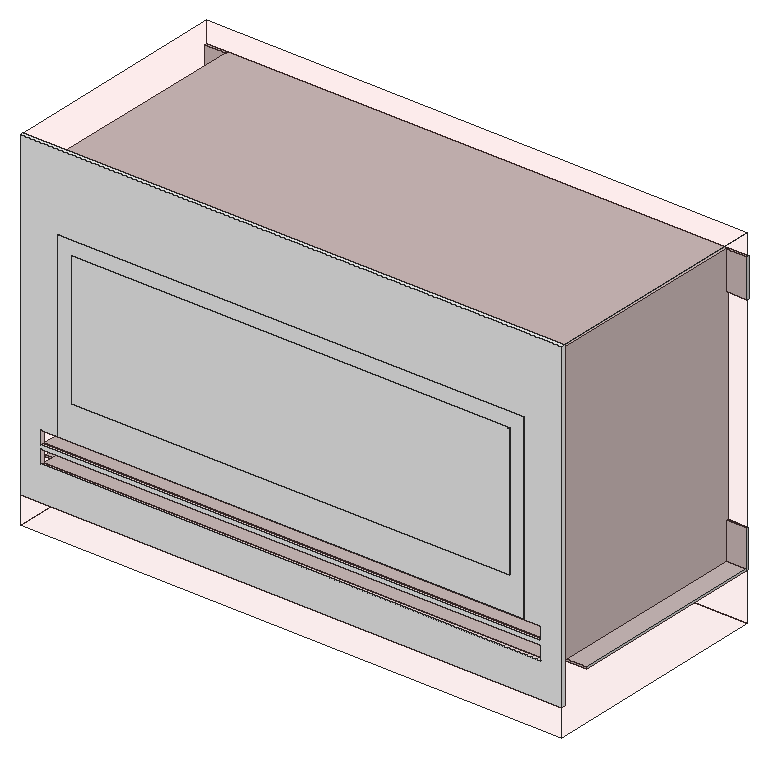
Revit family "Air-Curtain_Vestibule-Except_PoweredAire_CHA", category Mechanical Equipment, host Face, Revit 2016
Family settings
  Host = Face
  Part Type = Normal
  Round Connector Dimension = Use Diameter
  OmniClass Number = 23.75.35.17.21
  OmniClass Title = Air Curtains
  Cut with Voids When Loaded = No
  Shared = No
  Room Calculation Point = No
Parameters
  Warranty Duration (Years) = 0
  Unit Width Notes = "Other Widths available."  # constant formula
  Unit Width = 3' - 3"
  Unit Weight = 0
  Unit Height = 1' - 4 3/4"
  Unit Depth = 1' - 11 1/4"
  URL = "http://www.poweredaire.com/"
  Test Data = ""
  Standards Conformance = "as Specified"
  Specification = "http://www.arcat.com/sdspecs/htm04/23_34_33pai.htm"
  SpecWizard = ""
  Sound Pressure = "as Specified"
  Sales Information = "http://www.poweredaire.com/contact_us"
  Revision = "R1_2016-08"
  Projection from Host [instance] = 0' - 2"
  Product Properties = ""
  Product Data = "http://www.arcat.com/arcatcos/cos47/arc47623.html"
  Power Rating = 0 W
  Nozzle Width = if(1 = 1, Unit Width - 0' 3", 0' 0")  # 3' - 0"
  Mounting Width = if(1 = 1, Unit Width - 0' 1 1/2", 0' 0")  # 3' - 1 1/2"
  Mounting Height [instance] = 3' - 6"
  Motor RPM = 0
  Motor HP = 0
  Motor Count = 0
  Model = "As Specified"
  Max Height = 0' - 0"
  Manufacturer Website = "http://www.poweredaire.com/"
  Manufacturer Phone - Toll Free = "888-321-2473"
  Manufacturer Phone = "724-588-3305"
  Manufacturer Fax = "724-588-3371"
  Manufacturer Address = "109 Mortensen Rd.  Greenville, PA 16125"
  Manufacturer = "Powered Aire, Inc"
  Maintenance Schedule (Months) = 0
  Keynote = "23 34 33"
  Installation-Fabrication = ""
  Installation Phase = ""
  Include Clearance [instance] = yes
  Heating Element Load = 0 W
  HVAC_Temperature Rise = 0 °F
  HVAC_Outlet Volume = 0 CFM
  HVAC_Outlet Velocity Uniformity = 0
  HVAC_Outlet Velocity = 0 FPM
  Green Building-LEED = "http://www.arcat.com/green/clients/leed_data_47623.html"
  Front Grating Material [instance] = Metal - Steel - PoweredAire - White Perforated
  Frame Finish [instance] = Metal - Steel - PoweredAire - Stainless 304
  Expected Lifespan (Years) = 0
  Electrical_Wattage [instance] = Power Rating + Heating Element Load  # 0 W
  Electrical_Voltage [instance] = 0 V
  Electrical_Phase [instance] = 1
  Electrical_Frequency [instance] = 0 Hz
  Electrical_Amperage [instance] = 0 A
  Drawn By = "Sumex Design, Inc. / Robert S. Weygant, CSI, CDT, SCIP"
  Description = "Powered Aire Air Curtain as Specified"
  Default Elevation = 0' - 0"  # constant formula
  Cover Finish [instance] = Metal - Steel - PoweredAire - White
  Copyright = "©Arcat Inc."
  Construction Details = "http://www.arcat.com/details/powair/prod3336.html"
  Clearance_Top [instance] = 0' - 0"
  Clearance_Side B [instance] = 0' - 0"
  Clearance_Side A [instance] = 0' - 0"
  Clearance_Intake [instance] = 0' - 0"
  Clearance_Front [instance] = 0' - 0"
  Clearance Material [instance] = ARCAT Clearance
  Building Codes = ""
  Available Options [instance] = "as Specified"
  Assembly Code = "D3090400"
Reference planes (in)
  plane 1 "Center (Elevation)": y = 8.51318
  plane 2: z = 0
  plane 3 "Center (Left/Right)": x = 0
  plane 4: y = 16.88818
  plane 5: y = 0.13818
  plane 6: x = -19.5
  plane 7: x = 19.5
  plane 8: z = 25.25
  plane 9 "FF": y = -41.86182
  plane 10: z = 2
  plane 11: x = 18
  plane 12: x = -18
  plane 13: y = 16.88818
  plane 14: y = 0.13818
  plane 15: x = -19.5
  plane 16: x = 19.5
  plane 17: z = 25.25
  plane 18: y = 0.38818
Forms (in)
  Extrusion 1, solid, material "ARCAT Clearance" <- "Clearance Material", visible <- "Include Clearance"
    sketch origin (0, 0, 0) x (0, 1, 0) y (0, 0, 1)
      loop
        line (0.13818, 25.25) -> (0.13818, 0) -> (16.88818, 0) -> (16.88818, 25.25) -> (0.13818, 25.25)
    from -19.5 to 19.5
  Extrusion 2, solid, material "Metal - Steel - PoweredAire - White" <- "Cover Finish"
    sketch origin (0, 8.51318, 0) x (1, 0, 0) y (0, 0, 1)
      loop
        line (-19.5, 25.25) -> (-19.5, 2) -> (19.5, 2) -> (19.5, 25.25) -> (-19.5, 25.25)
    from 8.125 to 8.375
  Extrusion 3, solid, material "Metal - Steel - PoweredAire - Stainless 304" <- "Frame Finish"
    sketch origin (0, 8.51318, 0) x (1, 0, 0) y (0, 0, 1)
      loop
        line (18, 23.75) -> (-18, 23.75) -> (-18, 3.5) -> (18, 3.5) -> (18, 23.75)
    from -8.375 to 8.125
  Extrusion 4, void
    sketch origin (0, 0, 0) x (0, 1, 0) y (0, 0, 1)
      loop
        line (0.13818, 5.5) -> (0.13818, 4.5) -> (1.88818, 4.5) -> (1.88818, 6.75) -> (0.13818, 6.75) -> (0.13818, 5.75) -> (1.63818, 5.75) -> (1.63818, 5.5) -> (0.13818, 5.5)
    from -18 to 18
  Extrusion 5, solid, material "Metal - Steel - PoweredAire - White" <- "Cover Finish"
    sketch origin (-11.83813, 0.13818, 48) x (-1, 0, 0) y (0, 0, 1)
      loop
        line (4.91187, -41.25) -> (4.91187, -28.25) -> (-28.58813, -28.25) -> (-28.58813, -41.25) -> (4.91187, -41.25)
    from 0 to -0.03125
  Extrusion 6, solid, material "Metal - Steel - PoweredAire - White Perforated" <- "Front Grating Material"
    sketch origin (-11.83813, 0.10693, 48) x (1, 0, 0) y (0, 0, 1)
      loop
        line (-3.91187, -29.25) -> (-3.91187, -38.75) -> (27.58813, -38.75) -> (27.58813, -29.25) -> (-3.91187, -29.25)
    from 0 to 0.03125
  Extrusion 7, solid, material "Metal - Steel - PoweredAire - Stainless 304" <- "Frame Finish"
    sketch origin (-15.17702, -180, 2) x (-1, 0, 0) y (0, -1, 0)
      loop
        line (-33.17702, -196.88818) -> (-33.17702, -182.38818) -> (-34.67702, -182.38818) -> (-34.67702, -196.88818) -> (-33.17702, -196.88818)
      loop
        line (2.82298, -196.88818) -> (4.32298, -196.88818) -> (4.32298, -182.38818) -> (2.82298, -182.38818) -> (2.82298, -196.88818)
    from 1.5 to 1.625
  Extrusion 8, solid, material "Metal - Steel - PoweredAire - Stainless 304" <- "Frame Finish"
    sketch origin (-11.83813, 16.88818, 48) x (-1, 0, 0) y (0, 0, 1)
      loop
        line (7.66187, -44.5) -> (7.66187, -41.75) -> (6.16187, -41.75) -> (6.16187, -44.5) -> (7.66187, -44.5)
      loop
        line (-31.33813, -44.5) -> (-29.83813, -44.5) -> (-29.83813, -41.75) -> (-31.33813, -41.75) -> (-31.33813, -44.5)
      loop
        line (7.66187, -27) -> (7.66187, -24.25) -> (6.16187, -24.25) -> (6.16187, -27) -> (7.66187, -27)
      loop
        line (-31.33813, -27) -> (-29.83813, -27) -> (-29.83813, -24.25) -> (-31.33813, -24.25) -> (-31.33813, -27)
    from 0 to -0.125
Cuts and joins
  Extrusion 4 cuts Extrusion 2
  Extrusion 4 cuts Extrusion 3
Dimensions and locks (in)
  equal spacing: plane 4, plane 1 "Center (Elevation)", plane 5
  "Unit Height": plane 4 to plane 5
  equal spacing: plane 6, plane 3 "Center (Left/Right)", plane 7
  "Unit Width": plane 6 to plane 7
  "Mounting Height": plane 5 to plane 9 "FF"
  "Projection from Host": plane 10 to level
  "Unit Depth": plane 8 to plane 10
  locked: plane 6 to plane 12 at 1.5
  locked: plane 11 to plane 7 at 1.5
  "Clearance_Side A": plane 7 to plane 16
  "Clearance_Side B": plane 15 to plane 6
  "Clearance_Top": plane 13 to plane 4
  "Clearance_Intake": plane 5 to plane 14
  "Clearance_Front": plane 17 to plane 8
  locked: plane 8 to Extrusion 3 sketch curve at 1.5
  locked: Extrusion 3 sketch curve to plane 10 at 1.5
  locked: plane 7 to Extrusion 3 sketch curve at 1.5
  locked: Extrusion 3 sketch curve to plane 6 at 1.5
  locked: plane 18 to plane 5 at 0.25
  Extrusion 4 sketch curve to Extrusion 4 sketch curve to Extrusion 4 sketch curve to Extrusion 4 sketch curve to plane 10 = 0' - 1" locked, 0' - 0 1/4" locked, 0' - 1" locked, 0' - 2 1/2" locked
  Extrusion 5 sketch curve to Extrusion 5 sketch curve to plane 10 = 1' - 1" locked, 0' - 4 3/4" locked
  locked: plane 11 to Extrusion 5 sketch curve at 1.25
  locked: Extrusion 5 sketch curve to plane 12 at 1.25
  Extrusion 6 sketch curve to Extrusion 6 sketch curve to plane 10 = 0' - 9 1/2" locked, 0' - 7 1/4" locked
  locked: Extrusion 6 sketch curve to plane 12 at 2.25
  locked: plane 11 to Extrusion 6 sketch curve at 2.25
  locked: plane 4 to Extrusion 7 sketch curve at 14.5  (x2)
  Extrusion 8 sketch curve to Extrusion 8 sketch curve to Extrusion 8 sketch curve to Extrusion 8 sketch curve to plane 10 = 0' - 2 3/4" locked, 1' - 2 3/4" locked, 0' - 2 3/4" locked, 0' - 1 1/2" locked  (x2)
  aligned and locked: plane 2 to host face
  aligned and locked: level to host face
  aligned and locked: Extrusion 1 sketch curve to plane 17
  aligned and locked: plane 14 to Extrusion 1 sketch curve
  aligned and locked: level to Extrusion 1 sketch curve
  aligned and locked: Extrusion 1 sketch curve to plane 13
  aligned and locked: plane 16 to Extrusion 1
  aligned and locked: Extrusion 1 to plane 15
  aligned and locked: Extrusion 2 sketch curve to plane 8
  aligned and locked: plane 6 to Extrusion 2 sketch curve
  aligned and locked: Extrusion 2 sketch curve to plane 10
  aligned and locked: Extrusion 2 sketch curve to plane 7
  aligned and locked: Extrusion 3 to plane 4
  aligned and locked: Extrusion 3 to plane 18
  aligned and locked: Extrusion 2 to plane 18
  aligned and locked: Extrusion 2 to plane 5
  aligned and locked: plane 11 to Extrusion 4
  aligned and locked: Extrusion 4 to plane 12
  aligned and locked: Extrusion 7 sketch curve to plane 4  (x2)
Automatic sketch dimensions
  host sketch curve to host sketch curve = 8' - 0"  (x2)
  Extrusion 4 sketch curve to plane 5 = 0' - 0"  (x2)
  plane 18 to Extrusion 4 sketch curve = 0' - 1 1/4"
  Extrusion 4 sketch curve to Extrusion 4 sketch curve = 0' - 0 1/4"
  Extrusion 7 sketch curve to plane 7 = 0' - 0"
  Extrusion 7 sketch curve to plane 11 = 0' - 0"
  Extrusion 7 sketch curve to plane 12 = 0' - 0"
  Extrusion 7 sketch curve to plane 6 = 0' - 0"
  Extrusion 8 sketch curve to plane 7 = 0' - 0"  (x2)
  Extrusion 8 sketch curve to plane 11 = 0' - 0"  (x2)
  Extrusion 8 sketch curve to plane 12 = 0' - 0"  (x2)
  Extrusion 8 sketch curve to plane 6 = 0' - 0"  (x2)
Connectors (in)
  electrical at (-18, 4.88818, 9.625), driven by "Electrical_Voltage", driven by "Electrical_Phase"
    settings: on cut or joined group of Extrusion 3, Extrusion 4, index 1, voltage 0 V, apparent load 0 VA, apparent load phase1 0 VA, apparent load phase2 0 VA, apparent load phase3 0 VA, power factor 1, load classification "Other", number of poles 1, system type 31, power factor state 1, is connector primary yes, connector utility no, sub classification motor no, connector description ""
